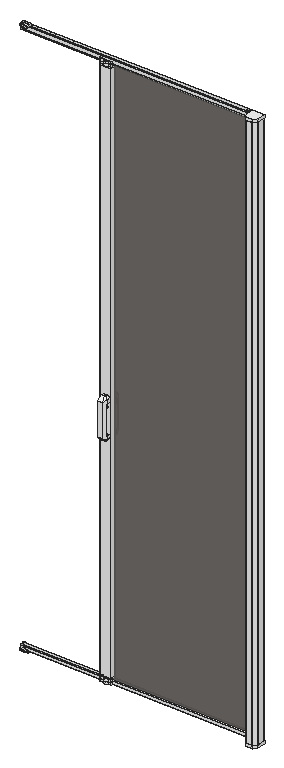
Revit family "Door_Screen-Sliding-Phantom_Screens-Single_Parting-Retractable_Door_Screens-1-3", category Specialty Equipment, Revit 2025
Family settings
  Round Connector Dimension = Use Diameter
  Part Type = Normal
  OmniClass Number = 23.30.60.21
  OmniClass Title = Insect Screens
  Work Plane-Based = No
  Enable Cutting in Views = No
  Always vertical = Yes
  Cut with Voids When Loaded = No
  Maintain Annotation Orientation = No
  Shared = No
  Room Calculation Point = No
Parameters (values of type "Latch Handle")
  Width [instance] = if(Requested Width > Max Width, Max Width, Requested Width)  # 3' - 0"
  URL = "https://www.phantomscreens.com/"
  Type Comments = "Single Parting Door"  # constant formula
  Thickness = 0' - 1 93/128"  # constant formula
  Requested Width [instance] = 3' - 0"
  Requested Height [instance] = 7' - 0"
  Product Page URL = "https://www.phantomscreens.com/retractable-door-screens/"
  Product Name = "Retractable Door Screens"  # constant formula
  Product Documentation Link = "https://www.phantomscreens.com/architects-designers/"
  Model = if(Magnetic Latch, "Magnet Latching System", "Latch and Release System")  # "Latch and Release System"
  Min Height [instance] = 6' - 6"  # constant formula
  Max Width [instance] = if(Height < 8' 4 1/8", 4' 0", 3' 0")  # 4' - 0"
  Max Height [instance] = 10' - 0"  # constant formula
  Manufacturer = "Phantom Mfg. (Int'l) Ltd."  # constant formula
  Magnetic Latch = no
  Latch Handle = not(Magnetic Latch)  # yes
  Height [instance] = if(Requested Height > Max Height, Max Height, if(Requested Height < Min Height, Min Height, Requested Height))  # 7' - 0"
  Finish Screen = Fabric-Privacy_Mesh-Phantom_Screens-Mermet_E-Screen_7505-Charcoal
  Finish = Metal-Aluminum-Phantom_Screens-Classic_White
  Door Opening Width Calc [instance] = if(Screen Opening > Max Width - 0' 4", Max Width - 0' 4", Screen Opening)  # 1' - 0"
  Screen Opening [instance] = 1' - 0"
  Description = if(Magnetic Latch, "Phantom retractable door screen with magnet catch", "Phantom retractable door screen with latching handle")  # "Phantom retractable door screen with latching handle"
  Default Elevation = 0' - 0"
  Assembly Code = "B2010300"
Reference planes (in)
  plane 1 "Center (Front/Back)": y = 0
  plane 2: z = 0
  plane 3 "Center (Left/Right)": x = 28.55646
  plane 4: z = 84
  plane 5 "Left": x = 10.55646
  plane 6 "Right": x = 46.55646
  plane 7 "Front": y = -1.19411
  plane 8 "Back": y = 0.53246
  plane 9 "Door Jamb": x = 22.55646
  plane 10: z = 1.02344
  plane 11: z = 82.99219
  plane 12: x = 44.68143
  plane 13: x = 10.55646
  plane 14: z = 84
  plane 15: x = 22.55646
Forms (in)
  Sweep 1, solid, material "Metal-Aluminum-Phantom_Screens-Classic_White" <- "Finish", detail levels medium+fine
    path origin (0, 0.53246, 0) x (-1, 0, 0) y (0, 0, 1)
      loop
        line (-22.55646, 1.27114) -> (-22.55646, 82.72709)
    profile origin (22.55646, 0.53246, 41.99911) x (-1, 0, 0) y (0, -1, 0)
      loop
        line (-1.73217, 0.22402) -> (-1.46479, 0.22402) -> (-1.46479, 0.14401) -> (-1.73217, 0.14401) -> (-1.73217, 0) -> (-0.20217, 0) -> (-0.20217, 0.10001) -> (-0.12186, 0.10001) -> (-0.12186, 0) -> (0, 0) -> (0, 0.27403) -> (-0.20002, 0.27403) -> (-0.20002, 0.35603) -> (0, 0.35603) -> (0, 0.66506) -> (-0.20102, 0.86608) -> (-1.73217, 0.86608) -> (-1.73217, 0.22402)
  Sweep 2, solid, material "Metal-Aluminum-Phantom_Screens-Classic_White" <- "Finish", detail levels medium+fine
    path origin (0, -1.19411, 0) x (-1, 0, 0) y (0, 0, 1)
      loop
        line (-46.55646, 0.375) -> (-46.55646, 83.625)
    profile origin (46.55646, -1.19411, 42) x (1, 0, 0) y (0, 1, 0)
      loop
        line (-1.75022, 1.29478) -> (-1.75022, 0.59201)
        arc (-1.75022, 0.59201) -> (-1.74457, 0.55531) -> (-1.72814, 0.522) r 0.12207
        line (-1.72814, 0.522) -> (-1.39908, 0.05205)
        arc (-1.39908, 0.05205) -> (-1.35545, 0.01379) -> (-1.29909, 0) r 0.12207
        line (-1.29909, 0) -> (-0.45113, 0)
        arc (-0.45113, 0) -> (-0.39476, 0.01379) -> (-0.35113, 0.05205) r 0.12207
        line (-0.35113, 0.05205) -> (-0.02208, 0.522)
        arc (-0.02208, 0.522) -> (-0.00565, 0.55531) -> (0, 0.59201) r 0.12207
        line (0, 0.59201) -> (0, 1.60883)
        arc (0, 1.60883) -> (-0.11477, 1.72772) -> (-0.23762, 1.6172) r 0.11896
        line (-0.23762, 1.6172) -> (-1.68976, 1.38165)
        arc (-1.68976, 1.38165) -> (-1.85842, 1.43456) -> (-1.75022, 1.29478) r 0.09263
  Sweep 3, solid, material "Metal-Aluminum-Phantom_Screens-Classic_White" <- "Finish", detail levels medium+fine
    path origin (0, 0.53246, 0) x (-1, 0, 0) y (0, 0, 1)
      loop
        line (-10.55646, 84) -> (-44.65018, 84)
    profile origin (27.60332, 0.53246, 84) x (0, 0, 1) y (0, -1, 0)
      loop
        line (0, 0) -> (0, 0.065) -> (-0.315, 0.065) -> (-0.315, 0.453) -> (-0.78198, 0.453)
        arc (-0.78198, 0.453) -> (-0.93097, 0.4163) -> (-0.78016, 0.388) r 0.0785
        line (-0.78016, 0.388) -> (-0.38, 0.388) -> (-0.38, 0.065) -> (-0.931, 0.065) -> (-0.931, 0) -> (0, 0)
  Sweep 4, solid, material "Metal-Aluminum-Phantom_Screens-Classic_White" <- "Finish", detail levels medium+fine
    path origin (0, 0.53246, 90.02002) x (-1, 0, 0) y (0, 0, -1)
      loop
        line (-10.55646, 90.02002) -> (-44.65018, 90.02002)
    profile origin (27.60332, 0.53246, 0) x (0, 0, 1) y (0, -1, 0)
      loop
        line (0, 0) -> (0.931, 0) -> (0.931, 0.065) -> (0.38, 0.065) -> (0.38, 0.388) -> (0.78016, 0.388)
        arc (0.78016, 0.388) -> (0.93097, 0.4163) -> (0.78198, 0.453) r 0.0785
        line (0.78198, 0.453) -> (0.315, 0.453) -> (0.315, 0.065) -> (0, 0.065) -> (0, 0)
  Extrusion 5, solid, material "Metal-Aluminum-Phantom_Screens-Classic_White" <- "Finish", detail levels coarse
    sketch origin (0, 0, 0) x (1, 0, 0) y (0, 1, 0)
      loop
        line (44.68143, 0.53246) -> (44.68143, -1.19411) -> (46.55646, -1.19411) -> (46.55646, 0.53246) -> (44.68143, 0.53246)
    from 0.92969 to 83.07031
  Extrusion 6, solid, material "Metal-Aluminum-Phantom_Screens-Classic_White" <- "Finish", detail levels coarse
    sketch origin (28.55646, 0, 0) x (0, 1, 0) y (0, 0, 1)
      loop
        line (0.53246, 0) -> (0.53246, 0.92969) -> (0.0358, 0.92969) -> (0.0358, 0) -> (0.53246, 0)
      loop
        line (0.53246, 84) -> (0.0358, 84) -> (0.0358, 83.07031) -> (0.53246, 83.07031) -> (0.53246, 84)
    from -18 to 15.56978
  Extrusion 7, solid, material "Metal-Aluminum-Phantom_Screens-Classic_White" <- "Finish", detail levels coarse
    sketch origin (0, 0, 0) x (1, 0, 0) y (0, 1, 0)
      loop
        line (22.55646, 0.53246) -> (22.55646, -0.33363) -> (24.28862, -0.33363) -> (24.28862, 0.53246) -> (22.55646, 0.53246)
    from 1.27114 to 82.72709
  Extrusion 8, solid, material "Fabric-Privacy_Mesh-Phantom_Screens-Mermet_E-Screen_7505-Charcoal" <- "Finish Screen"
    sketch origin (0, 0, 0) x (1, 0, 0) y (0, 1, 0)
      loop
        line (24.02124, 0.38844) -> (24.02124, 0.30843) -> (46.33771, 0.30843) -> (46.33771, 0.38844) -> (24.02124, 0.38844)
    from 0.375 to 83.30479
  Extrusion 9, solid, material "Metal-Aluminum-Phantom_Screens-Classic_White" <- "Finish", visible <- "Magnetic Latch", detail levels fine
    sketch origin (32.25319, 0.3929, 0.4711) x (0, 1, 0) y (0, 0, 1)
      loop
        line (0.09496, 35.18633) -> (0.09496, 36.55418)
        arc (0.09496, 36.55418) -> (-0.23758, 36.88671) -> (-0.57011, 36.55418) r 0.33253
        line (-0.57011, 36.55418) -> (-0.57011, 35.18633)
        arc (-0.57011, 35.18633) -> (-0.23758, 34.8538) -> (0.09496, 35.18633) r 0.33253
    from -9.77296 to -9.69674
  Extrusion 10, solid, material "Metal-Aluminum-Phantom_Screens-Classic_White" <- "Finish", visible <- "Magnetic Latch"
    sketch origin (15.69674, 0.92536, 0.4711) x (-1, 0, 0) y (0, 0, -1)
      loop
        line (5.14028, -36.88671) -> (5.83702, -36.88671) -> (5.83702, -34.8538) -> (5.14028, -34.8538) -> (5.14028, -36.88671)
    from 0.3929 to 1.10256
Lines and regions (in)
  Masking region 1
    outline origin (28.55646, 0, 0) x (0, 1, 0) y (0, 0, 1)
      loop
        line (0.38844, 82.72709) -> (0.30843, 82.72709) -> (0.30843, 1.27114) -> (0.38844, 1.27114) -> (0.38844, 82.72709)
Dimensions and locks (in)
  equal spacing: plane 5 "Left", plane 3 "Center (Left/Right)", plane 6 "Right"
  "Thickness": plane 8 "Back" to plane 7 "Front"
  "Door Opening Width Calc": plane 5 "Left" to plane 9 "Door Jamb"
  "Width": plane 5 "Left" to plane 6 "Right"
  Sweep 2 sketch curve to Sweep 2 sketch curve to Sweep 2 sketch curve to Sweep 2 sketch curve to Sweep 2 sketch curve to Sweep 2 sketch curve to Sweep 2 sketch curve to Sweep 2 sketch curve to profile plane = 0' - 0.12481" locked, 0' - 0.35113" locked, 0' - 0.1" locked, 0' - 0.84796" locked, 0' - 0.1" locked, 0' - 0.11322" locked, 0' - 0.23791" locked, 0' - 0" locked
  Sweep 2 sketch curve to Sweep 2 sketch curve to Sweep 2 sketch curve to Sweep 2 sketch curve to Sweep 2 sketch curve to Sweep 2 sketch curve to Sweep 2 sketch curve to Sweep 2 sketch curve to Sweep 2 sketch curve to profile plane = 0' - 0.25351" locked, 0' - 0.88226" locked, 0' - 0" locked, 0' - 0.07002" locked, 0' - 0" locked, 0' - 0.46994" locked, 0' - 0" locked, 0' - 0.05205" locked, 0' - 0" locked
  Sweep 1 sketch curve to Sweep 1 sketch curve to profile plane to Sweep 1 sketch curve to Sweep 1 sketch curve to Sweep 1 sketch curve to Sweep 1 sketch curve to Sweep 1 sketch curve to Sweep 1 sketch curve to Sweep 1 sketch curve = 0' - 0" locked, 0' - 0" locked, 0' - 0.12186" locked, 0' - 0.07816" locked, 0' - 0.001" locked, 0' - 0.00115" locked, 0' - 1.26261" locked, 0' - 0.26738" locked, 0' - 0" locked
  Sweep 1 sketch curve to Sweep 1 sketch curve to profile plane to Sweep 1 sketch curve to Sweep 1 sketch curve to Sweep 1 sketch curve to Sweep 1 sketch curve to Sweep 1 sketch curve to Sweep 1 sketch curve to Sweep 1 sketch curve = 0' - 0" locked, 0' - 0" locked, 0' - 0.10001" locked, 0' - 0.044" locked, 0' - 0.08001" locked, 0' - 0.05" locked, 0' - 0.08201" locked, 0' - 0.30903" locked, 0' - 0.20102" locked
  plane 10 to level = 0' - 1 3/128"
  locked: plane 4 to plane 11 at 1.00781
  locked: Sweep 3 sketch curve to plane 6 "Right" at 1.90627
  locked: Sweep 4 sketch curve to plane 6 "Right" at 1.90627
  locked: Sweep 2 sketch curve to level at 0.375
  locked: plane 4 to Sweep 2 sketch curve at 0.375
  plane 4 to Sweep 2 = 0' - 0 3/8"
  locked: Extrusion 5 sketch curve to plane 6 "Right" at 1.87502
  locked: Extrusion 5 to level at 0.92969
  locked: plane 4 to Extrusion 5 at 0.92969
  locked: Extrusion 6 sketch curve to plane 2 at 0.92969
  locked: plane 8 "Back" to Extrusion 6 sketch curve at 0.49666  (x2)
  locked: plane 4 to Extrusion 6 sketch curve at 0.92969
  locked: Extrusion 6 to plane 6 "Right" at 2.43022
  Sweep 1 to nested 4 = 0' - 0"
  locked: plane 11 to Sweep 1 sketch curve at 0.2651
  locked: Sweep 1 sketch curve to plane 10 at 0.2477
  equal spacing: Extrusion 7 sketch curve, nested 4, plane 8 "Back"
  locked: Extrusion 7 to plane 10 at 0.2477
  locked: plane 11 to Extrusion 7 at 0.2651
  "Height": plane 4 to level
  locked: plane 4 to nested 4 at 0.69521
  locked: Extrusion 8 sketch curve to plane 6 "Right" at 0.21875
  Extrusion 8 sketch curve to Extrusion 8 sketch curve to plane 8 "Back" = 0' - 0.08001" locked, 0' - 0.14401" locked
  locked: level to Extrusion 8 at 0.375
  locked: plane 4 to Extrusion 8 at 0.69521
  locked: plane 9 "Door Jamb" to Extrusion 8 sketch curve at 1.46479
  locked: plane 4 to nested 8 at 0.36275
  locked: nested 7 to level at 0.35561
  locked: plane 8 "Back" to nested 9 at 0.065
  locked: plane 8 "Back" to nested 10 at 0.065
  Sweep 3 sketch curve to Sweep 3 sketch curve to Sweep 3 sketch curve to Sweep 3 sketch curve to profile plane to Sweep 3 sketch curve = 0' - 0" locked, 0' - 0.551" locked, 0' - 0.065" locked, 0' - 0.315" locked, 0' - 0" locked
  profile plane to nested 2 to Sweep 3 sketch curve to Sweep 3 sketch curve to Sweep 3 sketch curve to Sweep 3 sketch curve to Sweep 3 sketch curve = 0' - 0" locked, 0' - 0.065" locked, 0' - 0" locked, 0' - 0.323" locked, 0' - 0.065" locked, 0' - 0.044" locked
  profile plane to nested 1 to Sweep 4 sketch curve to Sweep 4 sketch curve to Sweep 4 sketch curve to Sweep 4 sketch curve to Sweep 4 sketch curve = 0' - 0" locked, 0' - 0.065" locked, 0' - 0" locked, 0' - 0.323" locked, 0' - 0.065" locked, 0' - 0.044" locked
  profile plane to Sweep 4 sketch curve to Sweep 4 sketch curve to Sweep 4 sketch curve to Sweep 4 sketch curve to Sweep 4 sketch curve = 0' - 0" locked, 0' - 0.315" locked, 0' - 0.065" locked, 0' - 0.551" locked, 0' - 0" locked
  "Requested Width": plane 6 "Right" to plane 13
  "Requested Height": plane 14 to plane 2
  "Screen Opening": plane 5 "Left" to plane 15
  locked: Extrusion 7 sketch curve to plane 8 "Back" at 0.86608
  plane 15 to Extrusion 7 sketch curve = 0' - 1.73217"
  locked: plane 9 "Door Jamb" to Extrusion 7 at 1.73217
  plane 9 "Door Jamb" to nested 6 to Extrusion 5 = 0' - 1" locked, 1' - 11"
  locked: plane 9 "Door Jamb" to nested 5 at 1
  Extrusion 10 sketch curve to Extrusion 10 sketch curve to level = 0' - 2.03291" locked, 2' - 11.3249" locked
  Extrusion 9 sketch curve to plane 1 "Center (Front/Back)" to Extrusion 9 sketch curve = 0' - 0.48786" locked, 0' - 0.17721" locked
  Extrusion 9 sketch curve to Extrusion 9 sketch curve to level = 0' - 2.03291" locked, 2' - 11.3249" locked
  locked: Extrusion 10 sketch curve to Extrusion 10 sketch curve at 0.69674
  plane 15 to Extrusion 9 = 0' - 0.07622"
  "Screen Opening": Extrusion 10 sketch curve to plane 15
  Masking region 1 sketch curve to Masking region 1 sketch curve to plane 1 "Center (Front/Back)" = 0' - 0.08001" locked, 0' - 0.30843" locked
  locked: plane 11 to Masking region 1 sketch curve at 0.2651
  locked: Masking region 1 sketch curve to plane 10 at 0.2477
  locked: plane 9 "Door Jamb" to Extrusion 9 at 0.07622
  aligned and locked: level to plane 2
  aligned and locked: Sweep 1 sketch curve to plane 9 "Door Jamb"
  aligned and locked: Sweep 2 sketch curve to plane 6 "Right"
  aligned and locked: plane 5 "Left" to Sweep 3 sketch curve
  aligned and locked: plane 5 "Left" to Sweep 4 sketch curve
  aligned and locked: Sweep 4 sketch curve to level
  aligned and locked: nested 1 to plane 6 "Right"
  aligned and locked: nested 2 to plane 6 "Right"
  aligned and locked: plane 4 to nested 2
  aligned and locked: nested 1 to level
  aligned and locked: nested 2 to plane 8 "Back"
  aligned and locked: nested 1 to plane 8 "Back"
  aligned and locked: Extrusion 5 sketch curve to nested 1
  aligned and locked: plane 7 "Front" to Extrusion 5 sketch curve
  aligned and locked: plane 6 "Right" to Extrusion 5 sketch curve
  aligned and locked: Extrusion 6 sketch curve to plane 2
  aligned and locked: Extrusion 6 sketch curve to plane 8 "Back"
  aligned and locked: plane 8 "Back" to Extrusion 6 sketch curve
  aligned and locked: Extrusion 6 sketch curve to plane 4
  aligned and locked: Extrusion 6 to plane 5 "Left"
  aligned and locked: nested 3 to plane 9 "Door Jamb"
  aligned and locked: Extrusion 7 sketch curve to nested 3
  aligned and locked: nested 4 to plane 9 "Door Jamb"
  aligned and locked: plane 8 "Back" to nested 4
  aligned and locked: plane 8 "Back" to nested 3
  aligned and locked: plane 9 "Door Jamb" to nested 7
  aligned and locked: nested 9 to plane 2
  aligned and locked: plane 4 to nested 10
  aligned and locked: plane 5 "Left" to nested 10
  aligned and locked: plane 5 "Left" to nested 9
  aligned and locked: nested 11 to plane 6 "Right"
  aligned and locked: nested 11 to plane 7 "Front"
  aligned and locked: plane 9 "Door Jamb" to nested 12
  aligned and locked: nested 12 to plane 8 "Back"
  aligned and locked: plane 9 "Door Jamb" to nested 8
  aligned and locked: plane 8 "Back" to Extrusion 7 sketch curve
  aligned and locked: plane 8 "Back" to nested 7
  aligned and locked: plane 8 "Back" to nested 8
  aligned and locked: plane 9 "Door Jamb" to Extrusion 9
Automatic sketch dimensions
  Sweep 3 sketch curve to plane 4 = 0' - 0"
  Sweep 3 sketch curve to plane 8 "Back" = 0' - 0"
  Sweep 3 sketch curve to Sweep 3 sketch curve = 0' - 0.00182"
  Sweep 4 sketch curve to plane 8 "Back" = 0' - 0"
  Sweep 4 sketch curve to Sweep 4 sketch curve = 0' - 0.00182"
  Sweep 2 sketch curve to Sweep 2 sketch curve = 0' - 0.03218"
  Sweep 2 sketch curve to Sweep 2 sketch curve = 0' - 0.02208"
  Sweep 2 sketch curve to Sweep 2 sketch curve = 0' - 0.12207"
  Sweep 2 sketch curve to Sweep 2 sketch curve = 0' - 0.11866"
Nested families (in)
  nested 1: "Nested-Phantom_Screens-Extrusion-Cap" at (45.61894, 0.53246, 0), type "Bottom Cap"
  nested 2: "Nested-Phantom_Screens-Extrusion-Cap" at (45.61894, 0.53246, 83.625), type "Top Cap"
  nested 3: "Nested-Phantom_Screens-Extrusion-Cap-Pull" at (23.42254, 0.53246, 1.06264), visible <- "Magnetic Latch", type "Bottom Cap"
  nested 4: "Nested-Phantom_Screens-Extrusion-Cap-Pull" at (23.42254, 0.53246, 82.72709), visible <- "Magnetic Latch", type "Top Cap"
  nested 5: "Nested-Phantom_Screens-Door_Pull" at (23.55646, -0.33363, 0), Latch Right <- "Latch Handle", type "Door Pull"
    with Latch Right yes, Latch Left no
  nested 6: "Nested-Phantom_Screens-Door_Pull" at (23.55646, 0.53246, 0) x (-1, 0, 0) z (0, 0, 1), Latch Left <- "Latch Handle", type "Door Pull"
    with Latch Right no, Latch Left yes
  nested 7: "Nested-Phantom_Screens-Extrusion-Cap-Pull-Latch" at (23.42254, 0.53246, 1.06264), visible <- "Latch Handle", type "Bottom Cap"
    with Top Offset 0' - 0 53/256", Top Cap no, Bottom Offset 0' - 0 95/256", Bottom Cap yes
  nested 8: "Nested-Phantom_Screens-Extrusion-Cap-Pull-Latch" at (23.42254, 0.53246, 82.72709), visible <- "Latch Handle", type "Top Cap"
  nested 9: "Nested-Phantom_Screens-Extrusion-Latch" at (11.18683, 0.46746, 0.39), visible <- "Latch Handle", type "Bottom Cap", detail levels fine
  nested 10: "Nested-Phantom_Screens-Extrusion-Latch" at (11.18683, 0.46746, 83.61), visible <- "Latch Handle", type "Top Cap", detail levels fine
  nested 11: "Nested-Detail-Phantom_Screens-Retractable-Housing" at (45.73238, -0.30002, 0), type "Housing"
  nested 12: "Nested-Detail-Phantom_Screens-Slide_Bar" at (23.42254, 0.09942, 0), type "Slide Bar"
Definition of nested family "Nested-Phantom_Screens-Extrusion-Cap"
  Parameters (values of type "Bottom Cap")
    URL = "https://www.phantomscreens.com/"
    Type Comments = if(Top Cap, "Top Cap", "Bottom Cap")  # "Bottom Cap"
    Top Offset = if(Bottom Cap, 0' 0 119/128", 0' 0 3/8")  # 0' - 0 119/128"
    Top Cap = no
    Model = "Retractable Door Screen"  # constant formula
    Manufacturer = "Phantom Mfg. (Int'l) Ltd."  # constant formula
    Finish = none
    Description = "For Phantom Mfg. Models Only"  # constant formula
    Default Elevation = 0' - 0"
    Bottom Offset = if(Top Cap, 0' 0 71/128", 0' 0")  # 0' - 0"
    Bottom Cap = not(Top Cap)  # yes
  Types (3): name | URL | Type Comments | Top Offset | Top Cap | Bottom Offset | Bottom Cap
    (no name) | "https://www.phantomscreens.com/" | "Bottom Cap" | 0' - 0 119/128" | no | 0' - 0" | yes
    Bottom Cap | "https://www.phantomscreens.com/" | "Bottom Cap" | 0' - 0 119/128" | no | 0' - 0" | yes
    Top Cap | "" | "Top Cap" | 0' - 0 3/8" | yes | 0' - 0 71/128" | no
  Reference planes (in)
    plane 1 "Center (Front/Back)": y = 0
    plane 2: z = 0
    plane 3 "Center (Left/Right)": x = 0
  Forms (in)
    Extrusion 1, solid, material <- "Finish", visible <- "Top Cap", detail levels medium+fine
      sketch origin (-45.74289, -0.13, -89.64502) x (-1, 0, 0) y (0, 0, -1)
        loop
          line (-44.65018, -90.02002) -> (-44.54018, -90.02002) -> (-44.54018, -89.86002)
          arc (-44.54018, -89.86002) -> (-44.45018, -89.77002) -> (-44.36018, -89.86002) r 0.09
          line (-44.36018, -89.86002) -> (-44.36018, -90.02002) -> (-44.25018, -90.02002) -> (-44.25018, -89.70502) -> (-44.65018, -89.70502) -> (-44.65018, -90.02002)
      from -0.065 to 0.19496
    Extrusion 2, solid, material <- "Finish", detail levels medium+fine
      sketch origin (-45.58769, -0.53246, 0) x (1, 0, 0) y (0, 1, 0)
        loop
          line (44.77499, 0) -> (44.77499, -0.64058) -> (45.16257, -1.19411) -> (46.13762, -1.19411) -> (46.52521, -0.64058) -> (46.52521, 0.53246) -> (44.65018, 0.53246) -> (44.65018, 0.46746) -> (44.49499, 0.46746) -> (44.49499, 0) -> (44.77499, 0)
      from 0 to 0.375
    Extrusion 3, solid, material <- "Finish", visible <- "Bottom Cap", detail levels medium+fine
      sketch origin (-45.58769, -0.53246, 0) x (1, 0, 0) y (0, 1, 0)
        loop
          line (44.49499, 0) -> (44.77499, 0) -> (44.77499, 0.0358) -> (44.49499, 0.0358) -> (44.49499, 0)
      from 0.375 to 0.92969
    Extrusion 4, solid, material <- "Finish", visible <- "Top Cap", detail levels medium+fine
      sketch origin (-45.58769, 0.33082, -0.92969) x (1, 0, 0) y (0, 1, 0)
        loop
          line (44.49499, -0.86328) -> (44.77499, -0.86328) -> (44.77499, -0.82749) -> (44.49499, -0.82749) -> (44.49499, -0.86328)
      from 0.375 to 0.92969
    Extrusion 5, solid, material <- "Finish", visible <- "Bottom Cap", detail levels medium+fine
      sketch origin (-45.74289, -0.16906, 89.64502) x (-1, 0, 0) y (0, 0, -1)
        loop
          line (-44.65018, 89.64502) -> (-44.65018, 89.33002) -> (-44.25018, 89.33002) -> (-44.25018, 89.64502) -> (-44.36018, 89.64502) -> (-44.36018, 89.48502)
          arc (-44.36018, 89.48502) -> (-44.45018, 89.39502) -> (-44.54018, 89.48502) r 0.09
          line (-44.54018, 89.48502) -> (-44.54018, 89.64502) -> (-44.65018, 89.64502)
      from -0.10406 to 0.1559
    Extrusion 6, solid, material <- "Finish", detail levels coarse
      sketch origin (0, -0.86328, 0) x (1, 0, 0) y (0, 1, 0)
        loop
          line (-1.4927, 0.86328) -> (-1.4927, -0.86328) -> (0.93751, -0.86328) -> (0.93751, 0.86328) -> (-1.4927, 0.86328)
      from 0 to 0.92969
  Dimensions and locks (in)
    Extrusion 3 sketch curve to Extrusion 3 sketch curve to plane 1 "Center (Front/Back)" = 0' - 0.0358" locked, 0' - 0.49666" locked
    Extrusion 3 sketch curve to Extrusion 3 sketch curve to plane 3 "Center (Left/Right)" = 0' - 0.28" locked, 0' - 0.8127" locked
    Extrusion 1 to Extrusion 1 to plane 1 "Center (Front/Back)" = 0' - 0.25996" locked, 0' - 0.065" locked
    Extrusion 2 to level to Extrusion 2 = 0' - 0 3/8" locked, 0' - 0" locked
    Extrusion 3 to Extrusion 3 to level = 0' - 0 71/128" locked, 0' - 0 3/8" locked
    Extrusion 1 sketch curve to Extrusion 1 sketch curve to Extrusion 1 sketch curve to Extrusion 1 sketch curve to level = 0' - 0" locked, 0' - 0 1/4" locked, 0' - 0.065" locked, 0' - 0.06" locked
    plane 3 "Center (Left/Right)" to Extrusion 1 sketch curve to Extrusion 1 sketch curve to Extrusion 1 sketch curve to Extrusion 1 sketch curve = 0' - 1.0927" locked, 0' - 0.11" locked, 0' - 0.18" locked, 0' - 0.11" locked
    Extrusion 4 sketch curve to Extrusion 4 sketch curve to plane 1 "Center (Front/Back)" = 0' - 0.0358" locked, 0' - 0.49666" locked
    Extrusion 4 sketch curve to Extrusion 4 sketch curve to plane 3 "Center (Left/Right)" = 0' - 0.28" locked, 0' - 0.8127" locked
    level to Extrusion 4 to Extrusion 4 = 0' - 0", 0' - 0 71/128" locked
    Extrusion 5 to Extrusion 5 to plane 1 "Center (Front/Back)" = 0' - 0.25996" locked, 0' - 0.065" locked
    level to Extrusion 5 sketch curve to Extrusion 5 sketch curve to Extrusion 5 sketch curve to Extrusion 5 sketch curve = 0' - 0" locked, 0' - 0" locked, 0' - 0 1/4" locked, 0' - 0.065" locked
    Extrusion 5 sketch curve to Extrusion 5 sketch curve to Extrusion 5 sketch curve to Extrusion 5 sketch curve = 0' - 0.11" locked, 0' - 0.18" locked, 0' - 0.11" locked
    "Bottom Offset": level to Extrusion 6
    "Top Offset": Extrusion 6 to level
    Extrusion 6 sketch curve to plane 3 "Center (Left/Right)" to Extrusion 6 sketch curve = 0' - 1.4927" locked, 0' - 0 15/16" locked
    Extrusion 6 sketch curve to plane 1 "Center (Front/Back)" to Extrusion 6 sketch curve = 0' - 1 93/128" locked, 0' - 0" locked
    Extrusion 2 sketch curve to Extrusion 2 sketch curve to Extrusion 2 sketch curve to Extrusion 2 sketch curve to Extrusion 2 sketch curve to Extrusion 2 sketch curve to plane 1 "Center (Front/Back)" = 0' - 0.55353" locked, 0' - 0" locked, 0' - 0.64058" locked, 0' - 0.46746" locked, 0' - 0.065" locked, 0' - 0" locked
    Extrusion 2 sketch curve to Extrusion 2 sketch curve to Extrusion 2 sketch curve to Extrusion 2 sketch curve to plane 3 "Center (Left/Right)" to Extrusion 2 sketch curve to Extrusion 2 sketch curve = 0' - 0.15519" locked, 0' - 0.12481" locked, 0' - 0.38758" locked, 0' - 0.42512" locked, 0' - 0.54993" locked, 0' - 0.38758" locked
    aligned and locked: plane 2 to level
  Automatic sketch dimensions
    Extrusion 5 sketch curve to plane 3 "Center (Left/Right)" = 0' - 1.0927"
Definition of nested family "Nested-Phantom_Screens-Extrusion-Cap-Pull"
  Parameters (values of type "Bottom Cap")
    URL = "https://www.phantomscreens.com/"
    Type Comments = if(Top Cap, "Top Pull Cap", "Bottom Pull Cap")  # "Bottom Pull Cap"
    Top Offset = if(Top Cap, 0' 0 37/64", 0' 0 53/256")  # 0' - 0 53/256"
    Top Cap = no
    Model = "Retractable Door Screen"  # constant formula
    Manufacturer = "Phantom Mfg. (Int'l) Ltd."  # constant formula
    Finish = none
    Description = "For Phantom Mfg. Models Only"  # constant formula
    Default Elevation = 0' - 0"
    Bottom Offset = if(Bottom Cap, 0' 0 95/256", 0' 0")  # 0' - 0 95/256"
    Bottom Cap = not(Top Cap)  # yes
  Types (3): name | URL | Type Comments | Top Offset | Top Cap | Bottom Offset | Bottom Cap
    (no name) | "https://www.phantomscreens.com/" | "Bottom Pull Cap" | 0' - 0 53/256" | no | 0' - 0 95/256" | yes
    Bottom Cap | "https://www.phantomscreens.com/" | "Bottom Pull Cap" | 0' - 0 53/256" | no | 0' - 0 95/256" | yes
    Top Cap | "" | "Top Pull Cap" | 0' - 0 37/64" | yes | 0' - 0" | no
  Reference planes (in)
    plane 1 "Back": y = 0
    plane 2: z = 0
    plane 3 "Center (Left/Right)": x = 0
    plane 4 "Left": x = -0.86608
    plane 5 "Right": x = 0.86608
    plane 6 "Front": y = -0.86608
  Forms (in)
    Extrusion 1, solid, material <- "Finish", visible <- "Bottom Cap", detail levels medium+fine
      sketch origin (-1.26679, 44.02753, 89.27582) x (0, 1, 0) y (0, 0, -1)
        loop
          line (-44.65018, 89.64502) -> (-44.65018, 89.27582) -> (-44.25018, 89.27582) -> (-44.25018, 89.64502) -> (-44.36018, 89.64502) -> (-44.36018, 89.48502)
          arc (-44.36018, 89.48502) -> (-44.45018, 89.39502) -> (-44.54018, 89.48502) r 0.09
          line (-44.54018, 89.48502) -> (-44.54018, 89.64502) -> (-44.65018, 89.64502)
      from -1.93384 to -0.4007
    Extrusion 2, solid, material <- "Finish", detail levels coarse
      sketch origin (0, -0.86328, 0) x (1, 0, 0) y (0, 1, 0)
        loop
          line (-0.86608, 0.86328) -> (-0.86608, -0.0028) -> (0.86608, -0.0028) -> (0.86608, 0.86328) -> (-0.86608, 0.86328)
      from -0.37109 to 0.20703
    Extrusion 3, solid, material <- "Finish", detail levels medium+fine
      sketch origin (0, 0, 0) x (1, 0, 0) y (0, 1, 0)
        loop
          line (-0.86608, -0.66506) -> (-0.66506, -0.86608) -> (0.86608, -0.86608) -> (0.86608, 0) -> (-0.86608, 0) -> (-0.86608, -0.66506)
      from 0 to 0.2085
    Extrusion 4, solid, material <- "Finish", visible <- "Top Cap", detail levels medium+fine
      sketch origin (-1.26679, 44.02753, -89.06732) x (0, 1, 0) y (0, 0, -1)
        loop
          line (-44.65018, -89.64502) -> (-44.54018, -89.64502) -> (-44.54018, -89.48502)
          arc (-44.54018, -89.48502) -> (-44.45018, -89.39502) -> (-44.36018, -89.48502) r 0.09
          line (-44.36018, -89.48502) -> (-44.36018, -89.64502) -> (-44.25018, -89.64502) -> (-44.25018, -89.27582) -> (-44.65018, -89.27582) -> (-44.65018, -89.64502)
      from -1.93384 to -0.4007
  Dimensions and locks (in)
    Extrusion 1 sketch curve to Extrusion 1 sketch curve to Extrusion 1 sketch curve to Extrusion 1 sketch curve to plane 2 = 0' - 0" locked, 0' - 0 1/4" locked, 0' - 0.1192" locked, 0' - 0" locked
    Extrusion 1 sketch curve to Extrusion 1 sketch curve to Extrusion 1 sketch curve to Extrusion 1 sketch curve to plane 1 "Back" = 0' - 0.11" locked, 0' - 0.18" locked, 0' - 0.11" locked, 0' - 0 57/256" locked
    "Bottom Offset": level to Extrusion 2
    "Top Offset": Extrusion 2 to level
    Extrusion 2 sketch curve to plane 3 "Center (Left/Right)" to Extrusion 2 sketch curve = 0' - 0.86608" locked, 0' - 0.86608" locked
    Extrusion 2 sketch curve to plane 1 "Back" to Extrusion 2 sketch curve = 0' - 0.86608" locked, 0' - 0" locked
    Extrusion 3 sketch curve to plane 3 "Center (Left/Right)" to Extrusion 3 sketch curve = 0' - 0.86608" locked, 0' - 0.86608" locked
    Extrusion 3 sketch curve to plane 1 "Back" to Extrusion 3 sketch curve = 0' - 0.86608" locked, 0' - 0" locked
    plane 2 to Extrusion 4 sketch curve to Extrusion 4 sketch curve to Extrusion 4 sketch curve to Extrusion 4 sketch curve = 0' - 0.2085" locked, 0' - 0.2992" locked, 0' - 0.07" locked, 0' - 0" locked
    Extrusion 4 sketch curve to Extrusion 4 sketch curve to Extrusion 4 sketch curve to Extrusion 4 sketch curve to plane 1 "Back" = 0' - 0.11" locked, 0' - 0.18" locked, 0' - 0.11" locked, 0' - 0 57/256" locked
    locked: Extrusion 3 to level at 0.2085
    plane 5 "Right" to plane 3 "Center (Left/Right)" to plane 4 "Left" = 0' - 0.86608" locked, 0' - 0.86608" locked
    locked: plane 1 "Back" to plane 6 "Front" at 0.86608
    aligned and locked: plane 2 to level
    aligned and locked: Extrusion 3 to level
  Automatic sketch dimensions
    Extrusion 3 sketch curve to Extrusion 3 sketch curve = 0' - 0.20102"  (x2)
Definition of nested family "Nested-Phantom_Screens-Door_Pull"
  Parameters (values of type "Door Pull")
    URL = "https://www.phantomscreens.com/"
    Type Comments = "Pull"  # constant formula
    Model = "Retractable Door Screen"  # constant formula
    Manufacturer = "Phantom Mfg. (Int'l) Ltd."  # constant formula
    Latch Right [instance] = yes
    Latch Left [instance] = yes
    Default Elevation = 0' - 0"
    Center Line of Pull = 3' - 0"
    Height = 0' - 6 1/32"
    Finish = none
    Description = "For Phantom Mfg. Models Only"  # constant formula
  Reference planes (in)
    plane 1 "Back": y = 0
    plane 2 "Bottom": z = 32.98437
    plane 3 "Center (Left/Right)": x = 0
    plane 4 "Left": x = -0.60355
    plane 5 "Right": x = 0.60355
    plane 6 "Front": y = -0.93822
    plane 7 "Top": z = 39.01563
    plane 8: y = -0.43822
    plane 9: y = 0
    plane 10: z = 36
  Forms (in)
    SweptBlend 1, solid, material <- "Finish", detail levels fine
      path origin (0, 0, 0) x (0, 1, 0) y (0, 0, 1)
        loop
          line (-0.43822, 39.01563) -> (-0.93822, 39.01563)
      profile origin (0, -0.43822, 39.01563) x (0, 0, -1) y (1, 0, 0)
        loop
          line (0, -0.25) -> (0.35355, -0.60355) -> (0.85355, -0.60355) -> (0.85355, 0.60355) -> (0.35355, 0.60355) -> (0, 0.25) -> (0, -0.25)
      end profile origin (0, -0.93822, 39.01563) x (0, 0, -1) y (1, 0, 0)
        loop
          line (0.60355, -0.375) -> (0.85355, -0.375) -> (0.85355, 0.375) -> (0.60355, 0.375) -> (0.60355, -0.375)
    Extrusion 2, solid, material <- "Finish", detail levels fine
      sketch origin (0, 0, -0.85355) x (1, 0, 0) y (0, 0, 1)
        loop
          line (-0.60355, 39.51562) -> (-0.60355, 39.01562) -> (0.60355, 39.01562) -> (0.60355, 39.51562) -> (0.25, 39.86918) -> (-0.25, 39.86918) -> (-0.60355, 39.51562)
      from 0 to 0.43822
    SweptBlend 3, solid, material <- "Finish", detail levels fine
      path origin (0, 0, 22.99273) x (0, 1, 0) y (0, 0, -1)
        loop
          line (-0.43822, -9.99165) -> (-0.93822, -9.99165)
      profile origin (0, -0.43822, 32.98438) x (0, 0, -1) y (1, 0, 0)
        loop
          line (0, -0.25) -> (0, 0.25) -> (-0.35355, 0.60355) -> (-0.85355, 0.60355) -> (-0.85355, -0.60355) -> (-0.35355, -0.60355) -> (0, -0.25)
      end profile origin (0, -0.93822, 32.98438) x (0, 0, -1) y (1, 0, 0)
        loop
          line (-0.60355, -0.375) -> (-0.60355, 0.375) -> (-0.85355, 0.375) -> (-0.85355, -0.375) -> (-0.60355, -0.375)
    Extrusion 4, solid, material <- "Finish", detail levels fine
      sketch origin (0, 0, 23.84628) x (1, 0, 0) y (0, 0, 1)
        loop
          line (-0.60355, 9.49165) -> (-0.25, 9.13809) -> (0.25, 9.13809) -> (0.60355, 9.49165) -> (0.60355, 9.99165) -> (-0.60355, 9.99165) -> (-0.60355, 9.49165)
      from 0 to 0.43822
    Extrusion 5, solid, material <- "Finish", detail levels fine
      sketch origin (0, 0, 0) x (1, 0, 0) y (0, 1, 0)
        loop
          line (-0.48928, -0.68822) -> (-0.375, -0.93822) -> (0.375, -0.93822) -> (0.48928, -0.68822) -> (-0.48928, -0.68822)
      from 33.83793 to 38.16207
    Extrusion 6, solid, material <- "Finish", detail levels medium
      sketch origin (0, 0, 0) x (1, 0, 0) y (0, 1, 0)
        loop
          line (-0.60355, 0) -> (-0.60355, -0.93822) -> (0.60355, -0.93822) -> (0.60355, 0) -> (-0.60355, 0)
      from 32.98437 to 39.01563
    Extrusion 7, solid, material <- "Finish", visible <- "Latch Left", detail levels fine
      sketch origin (0, 0, 0) x (1, 0, 0) y (0, 0, 1)
        loop
          arc (-0.60355, 37.66207) -> (-0.62658, 37.57674) -> (-0.54125, 37.55371) r 0.0625
          arc (-0.54125, 37.55371) -> (-0.23945, 37.81189) -> (-0.05207, 38.16207) r 1.0745
          line (-0.05207, 38.16207) -> (-0.184, 38.16207)
          arc (-0.184, 38.16207) -> (-0.34946, 37.87489) -> (-0.60355, 37.66207) r 0.9495
      from 0.3315 to 0.48465
    Extrusion 8, solid, material <- "Finish", visible <- "Latch Right", detail levels fine
      sketch origin (0, 0, 0) x (-1, 0, 0) y (0, 0, -1)
        loop
          arc (-0.60355, -37.66207) -> (-0.34946, -37.87489) -> (-0.184, -38.16207) r 0.9495
          line (-0.184, -38.16207) -> (-0.05207, -38.16207)
          arc (-0.05207, -38.16207) -> (-0.23945, -37.81189) -> (-0.54125, -37.55371) r 1.0745
          arc (-0.54125, -37.55371) -> (-0.62658, -37.57674) -> (-0.60355, -37.66207) r 0.0625
      from 0.3315 to 0.48465
  Cuts and joins
    joined: SweptBlend 1, Extrusion 2, SweptBlend 3, Extrusion 4, Extrusion 5
  Dimensions and locks (in)
    plane 5 "Right" to plane 3 "Center (Left/Right)" to plane 4 "Left" = 0' - 0.60355", 0' - 0.60355"
    locked: plane 1 "Back" to plane 6 "Front" at 0.93822
    SweptBlend 1 sketch curve to SweptBlend 1 sketch curve to profile plane to SweptBlend 1 sketch curve to SweptBlend 1 sketch curve = 0' - 0.35355" locked, 0' - 0 1/4" locked, 0' - 0 1/4" locked, 0' - 0.35355" locked
    SweptBlend 1 sketch curve to SweptBlend 1 sketch curve to SweptBlend 1 sketch curve to plane 7 "Top" = 0' - 0 1/2" locked, 0' - 0.35355" locked, 0' - 0" locked
    SweptBlend 1 sketch curve to SweptBlend 1 sketch curve to plane 7 "Top" = 0' - 0 1/4" locked, 0' - 0.60355" locked
    SweptBlend 1 sketch curve to plane 3 "Center (Left/Right)" to SweptBlend 1 sketch curve = 0' - 0 3/8" locked, 0' - 0 3/8" locked
    Extrusion 2 sketch curve to Extrusion 2 sketch curve to plane 3 "Center (Left/Right)" to Extrusion 2 sketch curve to Extrusion 2 sketch curve = 0' - 0.35355" locked, 0' - 0 1/4" locked, 0' - 0 1/4" locked, 0' - 0.35355" locked
    Extrusion 2 sketch curve to Extrusion 2 sketch curve to Extrusion 2 sketch curve to plane 7 "Top" to Extrusion 2 sketch curve = 0' - 0 1/2" locked, 0' - 0" locked, 0' - 0.35355" locked, 0' - 0" locked
    SweptBlend 3 sketch curve to SweptBlend 3 sketch curve to profile plane to plane 3 "Center (Left/Right)" to SweptBlend 3 sketch curve to SweptBlend 3 sketch curve = 0' - 0.35355" locked, 0' - 0 1/4" locked, 0' - 0" locked, 0' - 0 1/4" locked, 0' - 0.35355" locked
    SweptBlend 3 sketch curve to plane 2 "Bottom" to SweptBlend 3 sketch curve to SweptBlend 3 sketch curve = 0' - 0" locked, 0' - 0.35355" locked, 0' - 0 1/2" locked
    plane 2 "Bottom" to SweptBlend 3 sketch curve to SweptBlend 3 sketch curve = 0' - 0.60355" locked, 0' - 0 1/4" locked
    SweptBlend 3 sketch curve to plane 3 "Center (Left/Right)" to SweptBlend 3 sketch curve = 0' - 0 3/8" locked, 0' - 0 3/8" locked
    Extrusion 4 sketch curve to Extrusion 4 sketch curve to plane 3 "Center (Left/Right)" to Extrusion 4 sketch curve to Extrusion 4 sketch curve = 0' - 0.35355" locked, 0' - 0 1/4" locked, 0' - 0 1/4" locked, 0' - 0.35355" locked
    Extrusion 4 sketch curve to Extrusion 4 sketch curve to Extrusion 4 sketch curve to Extrusion 4 sketch curve to plane 2 "Bottom" = 0' - 0 1/2" locked, 0' - 0" locked, 0' - 0.35355" locked, 0' - 0" locked
    "Height": plane 7 "Top" to plane 2 "Bottom"
    "Center Line of Pull": plane 10 to level
    locked: Extrusion 5 sketch curve to plane 6 "Front" at 0.25
    Extrusion 5 sketch curve to Extrusion 5 sketch curve to plane 3 "Center (Left/Right)" to Extrusion 5 sketch curve to Extrusion 5 sketch curve = 0' - 0.11428" locked, 0' - 0 3/8" locked, 0' - 0 3/8" locked, 0' - 0.11428" locked
    locked: plane 8 to plane 6 "Front" at 0.5
    plane 4 "Left" to plane 3 "Center (Left/Right)" to plane 5 "Right" = 0' - 0.60355" locked, 0' - 0.60355" locked
    equal spacing: plane 7 "Top", plane 10, plane 2 "Bottom"
    Extrusion 7 to plane 8 to Extrusion 7 = 0' - 0.10673" locked, 0' - 0.04643" locked
    plane 7 "Top" to Extrusion 7 sketch curve to Extrusion 7 sketch curve to Extrusion 7 sketch curve = 0' - 0.85355" locked, 0' - 0 1/2" locked, 0' - 0.10837" locked
    plane 3 "Center (Left/Right)" to Extrusion 7 sketch curve to Extrusion 7 sketch curve to Extrusion 7 sketch curve to Extrusion 7 sketch curve = 0' - 0.05207" locked, 0' - 0.13194" locked, 0' - 0.35724" locked, 0' - 0.06231" locked
    Extrusion 8 to Extrusion 8 = 0' - 0.15315"
    plane 7 "Top" to Extrusion 8 sketch curve to Extrusion 8 sketch curve to Extrusion 8 sketch curve = 0' - 0.85355" locked, 0' - 0 1/2" locked, 0' - 0.10837" locked
    plane 3 "Center (Left/Right)" to Extrusion 8 sketch curve to Extrusion 8 sketch curve to Extrusion 8 sketch curve to Extrusion 8 sketch curve = 0' - 0.05207" locked, 0' - 0.13194" locked, 0' - 0.35724" locked, 0' - 0.06231" locked
    Extrusion 8 to plane 8 to Extrusion 8 = 0' - 0.04643" locked, 0' - 0.10673" locked
    aligned and locked: plane 8 to SweptBlend 1 sketch curve
    aligned and locked: plane 6 "Front" to SweptBlend 1 sketch curve
    aligned and locked: plane 7 "Top" to SweptBlend 1 sketch curve
    aligned and locked: Extrusion 2 to plane 8
    aligned and locked: plane 9 to Extrusion 2
    aligned and locked: Extrusion 5 sketch curve to SweptBlend 1
    aligned and locked: Extrusion 5 to SweptBlend 3
    aligned and locked: Extrusion 5 to SweptBlend 1
    aligned and locked: plane 9 to Extrusion 4
    aligned and locked: cut or joined group of SweptBlend 1, Extrusion 2, SweptBlend 3, Extrusion 4, Extrusion 5 to plane 8
    aligned and locked: plane 9 to cut or joined group of SweptBlend 1, Extrusion 2, SweptBlend 3, Extrusion 4, Extrusion 5
    aligned and locked: plane 9 to plane 1 "Back"
    aligned and locked: plane 6 "Front" to Extrusion 6 sketch curve
    aligned and locked: plane 5 "Right" to Extrusion 6 sketch curve
    aligned and locked: plane 7 "Top" to Extrusion 6
    aligned and locked: Extrusion 6 to plane 2 "Bottom"
  Automatic sketch dimensions
    SweptBlend 1 sketch curve to profile plane = 0' - 0.35355"
    Extrusion 6 sketch curve to plane 4 "Left" = 0' - 0"
    plane 1 "Back" to Extrusion 6 sketch curve = 0' - 0"
    Extrusion 7 sketch curve to Extrusion 7 sketch curve = 0' - 0"  (x3)
    SweptBlend 3 sketch curve to plane 2 "Bottom" = 0' - 0"
    SweptBlend 3 sketch curve to plane 6 "Front" = 0' - 0"
    SweptBlend 3 sketch curve to plane 8 = 0' - 0"
    profile plane to SweptBlend 3 sketch curve = 0' - 0.35355"
    Extrusion 8 sketch curve to Extrusion 8 sketch curve = 0' - 0"  (x2)
    Extrusion 8 sketch curve to plane 5 "Right" = 0' - 0"
Definition of nested family "Nested-Phantom_Screens-Extrusion-Cap-Pull-Latch"
  Parameters (values of type "Bottom Cap")
    URL = "https://www.phantomscreens.com/"
    Type Comments = if(Top Cap, "Top Pull Cap", "Bottom Pull Cap")  # "Top Pull Cap"
    Top Offset = if(Top Cap, 0' 0 37/64", 0' 0 53/256")  # 0' - 0 37/64"
    Top Cap = yes
    Model = "Retractable Door Screen"  # constant formula
    Manufacturer = "Phantom Mfg. (Int'l) Ltd."  # constant formula
    Finish = none
    Description = "For Phantom Mfg. Models Only"  # constant formula
    Default Elevation = 0' - 0"
    Bottom Offset = if(Bottom Cap, 0' 0 95/256", 0' 0")  # 0' - 0"
    Bottom Cap = not(Top Cap)  # no
  Types (2): name | URL
    Bottom Cap | "https://www.phantomscreens.com/"
    Top Cap | ""
  Reference planes (in)
    plane 1 "Back": y = 0
    plane 2: z = 0
    plane 3 "Center (Left/Right)": x = 0
    plane 4 "Left": x = -0.86608
    plane 5 "Right": x = 0.86608
    plane 6 "Front": y = -0.86608
  Forms (in)
    Extrusion 1, solid, material <- "Finish", visible <- "Bottom Cap", detail levels medium+fine
      sketch origin (-1.26679, 44.02753, 89.27582) x (0, 1, 0) y (0, 0, -1)
        loop
          line (-44.65018, 89.64502) -> (-44.65018, 89.27582) -> (-44.25018, 89.27582) -> (-44.25018, 89.64502) -> (-44.36018, 89.64502) -> (-44.36018, 89.48502)
          arc (-44.36018, 89.48502) -> (-44.45018, 89.39502) -> (-44.54018, 89.48502) r 0.09
          line (-44.54018, 89.48502) -> (-44.54018, 89.64502) -> (-44.65018, 89.64502)
      from -1.93384 to -0.4007
    Extrusion 2, solid, material <- "Finish", detail levels coarse
      sketch origin (0, -0.86328, 0) x (1, 0, 0) y (0, 1, 0)
        loop
          line (-0.86608, 0.86328) -> (-0.86608, -0.0028) -> (0.86608, -0.0028) -> (0.86608, 0.86328) -> (-0.86608, 0.86328)
      from 0 to 0.57813
    Extrusion 3, solid, material <- "Finish", detail levels medium+fine
      sketch origin (0, 0, 0) x (1, 0, 0) y (0, 1, 0)
        loop
          line (-0.86608, -0.66506) -> (-0.66506, -0.86608) -> (0.86608, -0.86608) -> (0.86608, 0) -> (-0.86608, 0) -> (-0.86608, -0.66506)
      from 0 to 0.2085
    Extrusion 4, solid, material <- "Finish", visible <- "Top Cap", detail levels medium+fine
      sketch origin (-1.26679, 44.02753, -89.06732) x (0, 1, 0) y (0, 0, -1)
        loop
          line (-44.65018, -89.64502) -> (-44.54018, -89.64502) -> (-44.54018, -89.48502)
          arc (-44.54018, -89.48502) -> (-44.45018, -89.39502) -> (-44.36018, -89.48502) r 0.09
          line (-44.36018, -89.48502) -> (-44.36018, -89.64502) -> (-44.25018, -89.64502) -> (-44.25018, -89.27582) -> (-44.65018, -89.27582) -> (-44.65018, -89.64502)
      from -1.93384 to -0.4007
    Extrusion 5, solid, material <- "Finish", visible <- "Top Cap", detail levels fine
      sketch origin (-12.0797, 2.38598, 0) x (1, 0, 0) y (0, 1, 0)
        loop
          line (11.26652, -3.10395) -> (11.41464, -3.25207) -> (11.88437, -3.25207)
          arc (11.88437, -3.25207) -> (12.17937, -3.35014) -> (12.47436, -3.25207) r 0.4927
          line (12.47436, -3.25207) -> (12.94579, -3.25207) -> (12.94579, -3.09798) -> (12.52169, -3.09798)
          arc (12.52169, -3.09798) -> (12.18422, -3.27612) -> (11.84367, -3.10395) r 0.41567
          line (11.84367, -3.10395) -> (11.26652, -3.10395)
      from 0.5777 to 0.91016
    Extrusion 6, solid, material <- "Finish", visible <- "Top Cap", detail levels medium+fine
      sketch origin (-12.0797, 2.38598, 0) x (1, 0, 0) y (0, 1, 0)
        loop
          line (11.21362, -3.00864) -> (11.21362, -3.05105) -> (11.41464, -3.25207) -> (11.88437, -3.25207)
          arc (11.88437, -3.25207) -> (12.17937, -3.35014) -> (12.47436, -3.25207) r 0.4927
          line (12.47436, -3.25207) -> (12.94579, -3.25207) -> (12.94579, -3.09798) -> (12.67418, -3.09798) -> (12.67418, -3.00864) -> (11.21362, -3.00864)
      from 0.20703 to 0.5777
    Extrusion 7, solid, material <- "Finish", visible <- "Bottom Cap", detail levels fine
      sketch origin (-12.0797, 2.38598, 0) x (1, 0, 0) y (0, 1, 0)
        loop
          line (11.26652, -3.10395) -> (11.41464, -3.25207) -> (11.88437, -3.25207)
          arc (11.88437, -3.25207) -> (12.17937, -3.35014) -> (12.47436, -3.25207) r 0.4927
          line (12.47436, -3.25207) -> (12.94579, -3.25207) -> (12.94579, -3.09798) -> (12.52169, -3.09798)
          arc (12.52169, -3.09798) -> (12.18422, -3.27612) -> (11.84367, -3.10395) r 0.41567
          line (11.84367, -3.10395) -> (11.26652, -3.10395)
      from -0.70703 to -0.3692
    Extrusion 8, solid, material <- "Finish", visible <- "Bottom Cap", detail levels medium+fine
      sketch origin (-12.0797, 2.38598, 0) x (1, 0, 0) y (0, 1, 0)
        loop
          line (11.21362, -3.00864) -> (11.21362, -3.05105) -> (11.41464, -3.25207) -> (11.88437, -3.25207)
          arc (11.88437, -3.25207) -> (12.17937, -3.35014) -> (12.47436, -3.25207) r 0.4927
          line (12.47436, -3.25207) -> (12.94579, -3.25207) -> (12.94579, -3.09798) -> (12.67418, -3.09798) -> (12.67418, -3.00864) -> (11.21362, -3.00864)
      from -0.3692 to 0
  Dimensions and locks (in)
    Extrusion 1 sketch curve to Extrusion 1 sketch curve to Extrusion 1 sketch curve to Extrusion 1 sketch curve to plane 2 = 0' - 0" locked, 0' - 0 1/4" locked, 0' - 0.1192" locked, 0' - 0" locked
    Extrusion 1 sketch curve to Extrusion 1 sketch curve to Extrusion 1 sketch curve to Extrusion 1 sketch curve to plane 1 "Back" = 0' - 0.11" locked, 0' - 0.18" locked, 0' - 0.11" locked, 0' - 0 57/256" locked
    "Bottom Offset": level to Extrusion 2
    "Top Offset": Extrusion 2 to level
    Extrusion 2 sketch curve to plane 3 "Center (Left/Right)" to Extrusion 2 sketch curve = 0' - 0.86608" locked, 0' - 0.86608" locked
    Extrusion 2 sketch curve to plane 1 "Back" to Extrusion 2 sketch curve = 0' - 0.86608" locked, 0' - 0" locked
    Extrusion 3 sketch curve to plane 3 "Center (Left/Right)" to Extrusion 3 sketch curve = 0' - 0.86608" locked, 0' - 0.86608" locked
    Extrusion 3 sketch curve to plane 1 "Back" to Extrusion 3 sketch curve = 0' - 0.86608" locked, 0' - 0" locked
    plane 2 to Extrusion 4 sketch curve to Extrusion 4 sketch curve to Extrusion 4 sketch curve to Extrusion 4 sketch curve = 0' - 0.2085" locked, 0' - 0.2992" locked, 0' - 0.07" locked, 0' - 0" locked
    Extrusion 4 sketch curve to Extrusion 4 sketch curve to Extrusion 4 sketch curve to Extrusion 4 sketch curve to plane 1 "Back" = 0' - 0.11" locked, 0' - 0.18" locked, 0' - 0.11" locked, 0' - 0 57/256" locked
    locked: Extrusion 3 to level at 0.2085
    plane 5 "Right" to plane 3 "Center (Left/Right)" to plane 4 "Left" = 0' - 0.86608" locked, 0' - 0.86608" locked
    locked: plane 1 "Back" to plane 6 "Front" at 0.86608
    Extrusion 7 to Extrusion 7 to level = 0' - 0.33783" locked, 0' - 0.3692" locked
    Extrusion 8 to level to Extrusion 8 = 0' - 0" locked, 0' - 0.3692" locked
    Extrusion 6 to Extrusion 6 to level = 0' - 0.37067" locked, 0' - 0 53/256" locked
    level to Extrusion 5 to Extrusion 5 = 0' - 0.5777" locked, 0' - 0.33246" locked
    Extrusion 6 sketch curve to Extrusion 6 sketch curve to Extrusion 6 sketch curve to plane 6 "Front" to Extrusion 6 sketch curve to Extrusion 6 sketch curve to Extrusion 6 sketch curve = 0' - 0.04241" locked, 0' - 0.04693" locked, 0' - 0.15409" locked, 0' - 0" locked, 0' - 0" locked, 0' - 0.09807" locked
    Extrusion 6 sketch curve to plane 4 "Left" to Extrusion 6 sketch curve to Extrusion 6 sketch curve to Extrusion 6 sketch curve to Extrusion 6 sketch curve to Extrusion 6 sketch curve = 0' - 0" locked, 0' - 0.20102" locked, 0' - 0.46973" locked, 0' - 0.58999" locked, 0' - 0.19982" locked, 0' - 0.27161" locked
    plane 4 "Left" to Extrusion 7 sketch curve to Extrusion 7 sketch curve to Extrusion 7 sketch curve to Extrusion 7 sketch curve to Extrusion 7 sketch curve to Extrusion 7 sketch curve to Extrusion 7 sketch curve = 0' - 0.0529" locked, 0' - 0.14812" locked, 0' - 0.42903" locked, 0' - 0.0407" locked, 0' - 0.58999" locked, 0' - 0.04733" locked, 0' - 0.4241" locked
    Extrusion 7 sketch curve to Extrusion 7 sketch curve to plane 6 "Front" to Extrusion 7 sketch curve to Extrusion 7 sketch curve = 0' - 0.00597" locked, 0' - 0.14812" locked, 0' - 0" locked, 0' - 0" locked
    Extrusion 8 sketch curve to plane 4 "Left" to Extrusion 8 sketch curve to Extrusion 8 sketch curve to Extrusion 8 sketch curve to Extrusion 8 sketch curve to Extrusion 8 sketch curve = 0' - 0" locked, 0' - 0.20102" locked, 0' - 0.46973" locked, 0' - 0.58999" locked, 0' - 0.19982" locked, 0' - 0.27161" locked
    Extrusion 8 sketch curve to Extrusion 8 sketch curve to plane 6 "Front" to Extrusion 8 sketch curve to Extrusion 8 sketch curve to Extrusion 8 sketch curve = 0' - 0.08934" locked, 0' - 0.15409" locked, 0' - 0" locked, 0' - 0" locked, 0' - 0.09807" locked
    plane 4 "Left" to Extrusion 5 sketch curve to Extrusion 5 sketch curve to Extrusion 5 sketch curve to Extrusion 5 sketch curve to Extrusion 5 sketch curve to Extrusion 5 sketch curve to Extrusion 5 sketch curve = 0' - 0.0529" locked, 0' - 0.14812" locked, 0' - 0.42903" locked, 0' - 0.0407" locked, 0' - 0.58999" locked, 0' - 0.04733" locked, 0' - 0.4241" locked
    Extrusion 5 sketch curve to Extrusion 5 sketch curve to plane 6 "Front" to Extrusion 5 sketch curve to Extrusion 5 sketch curve = 0' - 0.00597" locked, 0' - 0.14812" locked, 0' - 0" locked, 0' - 0" locked
    aligned and locked: plane 2 to level
    aligned and locked: Extrusion 3 to level
  Automatic sketch dimensions
    plane 4 "Left" to Extrusion 3 sketch curve = 0' - 0.20102"
    plane 6 "Front" to Extrusion 3 sketch curve = 0' - 0.20102"
    Extrusion 7 sketch curve to Extrusion 7 sketch curve = 0' - 0.0012"
    Extrusion 7 sketch curve to Extrusion 7 sketch curve = 0' - 0.00302"
    plane 6 "Front" to Extrusion 8 sketch curve = 0' - 0.20102"
    Extrusion 5 sketch curve to Extrusion 5 sketch curve = 0' - 0.0012"
    Extrusion 5 sketch curve to Extrusion 5 sketch curve = 0' - 0.00302"
Definition of nested family "Nested-Phantom_Screens-Extrusion-Latch"
  Parameters (values of type "Bottom Cap")
    URL = "https://www.phantomscreens.com/"
    Type Comments = if(Top Cap, "Top Pull Cap", "Bottom Pull Cap")  # "Bottom Pull Cap"
    Top Offset = if(Top Cap, 0' 0 37/64", 0' 0 53/256")  # 0' - 0 53/256"
    Top Cap = no
    Model = "Retractable Door Screen"  # constant formula
    Manufacturer = "Phantom Mfg. (Int'l) Ltd."  # constant formula
    Finish = none
    Description = "For Phantom Mfg. Models Only"  # constant formula
    Default Elevation = 0' - 0"
    Bottom Offset = if(Bottom Cap, 0' 0 95/256", 0' 0")  # 0' - 0 95/256"
    Bottom Cap = not(Top Cap)  # yes
  Types (2): name | URL | Type Comments | Top Offset | Top Cap | Bottom Offset | Bottom Cap
    Bottom Cap | "https://www.phantomscreens.com/" | "Bottom Pull Cap" | 0' - 0 53/256" | no | 0' - 0 95/256" | yes
    Top Cap | "" | "Top Pull Cap" | 0' - 0 37/64" | yes | 0' - 0" | no
  Reference planes (in)
    plane 1 "Back": y = 0
    plane 2: z = 0
    plane 3 "Center (Left/Right)": x = 0
    plane 4 "Left": x = -0.63038
    plane 5 "Right": x = 0.52271
    plane 6 "Front": y = -0.53
  Forms (in)
    Extrusion 1, solid, material <- "Finish", visible <- "Top Cap"
      sketch origin (-7.53125, 0, 0) x (1, 0, 0) y (0, 0, 1)
        loop
          line (6.90087, 0.39) -> (6.90087, 0) -> (7.37587, 0) -> (7.38925, -0.15288)
          arc (7.38925, -0.15288) -> (7.41411, -0.19186) -> (7.4603, -0.19379) r 0.05
          line (7.4603, -0.19379) -> (7.9429, 0.03125) -> (8.05396, 0.03125) -> (8.05396, 0.39) -> (7.94076, 0.39) -> (7.94076, 0.24564)
          arc (7.94076, 0.24564) -> (7.90074, 0.14902) -> (7.80413, 0.109) r 0.13664
          line (7.80413, 0.109) -> (7.55305, 0.109)
          arc (7.55305, 0.109) -> (7.45697, 0.1488) -> (7.41717, 0.24488) r 0.13588
          line (7.41717, 0.24488) -> (7.41717, 0.39) -> (7.2882, 0.39) -> (7.2882, 0.24488)
          arc (7.2882, 0.24488) -> (7.15139, 0.10807) -> (7.01458, 0.24488) r 0.13681
          line (7.01458, 0.24488) -> (7.01458, 0.39) -> (6.90087, 0.39)
      from 0 to 0.53
    Extrusion 2, void
      sketch origin (0, -0.00195, 0.07813) x (0, 1, 0) y (0, 0, 1)
        loop
          line (-0.28381, 0.31471) -> (-0.28381, 0.44098) -> (-0.59957, 0.44098) -> (-0.59957, 0.05258) -> (-0.55386, 0.05258)
          arc (-0.55386, 0.05258) -> (-0.43414, 0.19941) -> (-0.28381, 0.31471) r 0.81687
      from -0.6543 to 0.54578
    Extrusion 3, solid, material <- "Finish", visible <- "Bottom Cap"
      sketch origin (-7.53125, 0, 0) x (1, 0, 0) y (0, 0, 1)
        loop
          line (6.90087, -0.39) -> (7.01458, -0.39) -> (7.01458, -0.24488)
          arc (7.01458, -0.24488) -> (7.15139, -0.10807) -> (7.2882, -0.24488) r 0.13681
          line (7.2882, -0.24488) -> (7.2882, -0.39) -> (7.41717, -0.39) -> (7.41717, -0.24488)
          arc (7.41717, -0.24488) -> (7.45697, -0.1488) -> (7.55305, -0.109) r 0.13588
          line (7.55305, -0.109) -> (7.80413, -0.109)
          arc (7.80413, -0.109) -> (7.90074, -0.14902) -> (7.94076, -0.24564) r 0.13664
          line (7.94076, -0.24564) -> (7.94076, -0.39) -> (8.05396, -0.39) -> (8.05396, -0.03125) -> (7.9429, -0.03125) -> (7.4603, 0.19379)
          arc (7.4603, 0.19379) -> (7.41411, 0.19186) -> (7.38925, 0.15288) r 0.05
          line (7.38925, 0.15288) -> (7.37587, 0) -> (6.90087, 0) -> (6.90087, -0.39)
      from 0 to 0.53
    Extrusion 4, void
      sketch origin (0, -0.00195, -0.07813) x (0, 1, 0) y (0, 0, 1)
        loop
          arc (-0.28381, -0.31471) -> (-0.43414, -0.19941) -> (-0.55386, -0.05258) r 0.81687
          line (-0.55386, -0.05258) -> (-0.59957, -0.05258) -> (-0.59957, -0.44098) -> (-0.28381, -0.44098) -> (-0.28381, -0.31471)
      from -0.6543 to 0.54578
  Cuts and joins
    Extrusion 2, Extrusion 4 cuts Extrusion 1
    Extrusion 4 cuts Extrusion 3
  Dimensions and locks (in)
    Extrusion 2 sketch curve to Extrusion 2 sketch curve to plane 6 "Front" to Extrusion 2 sketch curve to Extrusion 2 sketch curve = 0' - 0.41862" locked, 0' - 0.24424" locked, 0' - 0.02582" locked, 0' - 0.04571" locked
    plane 2 to Extrusion 2 sketch curve to Extrusion 2 sketch curve to Extrusion 2 sketch curve = 0' - 0.1307" locked, 0' - 0.26213" locked, 0' - 0.12628" locked
    Extrusion 1 sketch curve to Extrusion 1 sketch curve to Extrusion 1 sketch curve to Extrusion 1 sketch curve to Extrusion 1 sketch curve to Extrusion 1 sketch curve to Extrusion 1 sketch curve to plane 3 "Center (Left/Right)" to Extrusion 1 sketch curve to Extrusion 1 sketch curve to Extrusion 1 sketch curve to Extrusion 1 sketch curve to Extrusion 1 sketch curve = 0' - 0.1137" locked, 0' - 0.27363" locked, 0' - 0.08767" locked, 0' - 0.01338" locked, 0' - 0.02792" locked, 0' - 0.04313" locked, 0' - 0.07095" locked, 0' - 0.0218" locked, 0' - 0.25107" locked, 0' - 0.13664" locked, 0' - 0.00214" locked, 0' - 0.11106" locked
    Extrusion 1 sketch curve to Extrusion 1 sketch curve to level to Extrusion 1 sketch curve to Extrusion 1 sketch curve to Extrusion 1 sketch curve to Extrusion 1 sketch curve to Extrusion 1 sketch curve to Extrusion 1 sketch curve to Extrusion 1 sketch curve to Extrusion 1 sketch curve to Extrusion 1 sketch curve to Extrusion 1 sketch curve = 0' - 0.04091" locked, 0' - 0.15288" locked, 0' - 0" locked, 0' - 0 1/32" locked, 0' - 0.07775" locked, 0' - 0.13588" locked, 0' - 0" locked, 0' - 0" locked, 0' - 0.00075" locked, 0' - 0.14436" locked, 0' - 0" locked, 0' - 0" locked
    plane 5 "Right" to plane 3 "Center (Left/Right)" to plane 4 "Left" = 0' - 0.52271" locked, 0' - 0.63038" locked
    plane 1 "Back" to plane 6 "Front" = 0' - 0.53"
    Extrusion 4 sketch curve to Extrusion 4 sketch curve to Extrusion 4 sketch curve to Extrusion 4 sketch curve = 0' - 0.41862" locked, 0' - 0.27006" locked, 0' - 0.04571" locked
    Extrusion 4 sketch curve to Extrusion 4 sketch curve to Extrusion 4 sketch curve to plane 2 = 0' - 0.12628" locked, 0' - 0.26213" locked, 0' - 0.1307" locked
    Extrusion 3 sketch curve to Extrusion 3 sketch curve to Extrusion 3 sketch curve to Extrusion 3 sketch curve to Extrusion 3 sketch curve to Extrusion 3 sketch curve to Extrusion 3 sketch curve to Extrusion 3 sketch curve to Extrusion 3 sketch curve to Extrusion 3 sketch curve to Extrusion 3 sketch curve to Extrusion 3 sketch curve = 0' - 0.1137" locked, 0' - 0.27363" locked, 0' - 0.08767" locked, 0' - 0.01338" locked, 0' - 0.02792" locked, 0' - 0.04313" locked, 0' - 0.09275", 0' - 0.25107" locked, 0' - 0.13664" locked, 0' - 0.00214" locked, 0' - 0.11106" locked
    Extrusion 3 sketch curve to Extrusion 3 sketch curve to Extrusion 3 sketch curve to plane 2 to Extrusion 3 sketch curve to Extrusion 3 sketch curve to Extrusion 3 sketch curve to Extrusion 3 sketch curve to Extrusion 3 sketch curve to Extrusion 3 sketch curve to Extrusion 3 sketch curve to Extrusion 3 sketch curve to Extrusion 3 sketch curve = 0' - 0.04091" locked, 0' - 0.15288" locked, 0' - 0" locked, 0' - 0 1/32" locked, 0' - 0.07775" locked, 0' - 0.13588" locked, 0' - 0" locked, 0' - 0" locked, 0' - 0.00075" locked, 0' - 0.14436" locked, 0' - 0" locked, 0' - 0" locked
    aligned and locked: plane 2 to level
Definition of nested family "Nested-Detail-Phantom_Screens-Retractable-Housing"
  Parameters (values of type "Housing")
    URL = "https://www.phantomscreens.com/"
    Type Comments = "For Use With Phantom Models Only"  # constant formula
